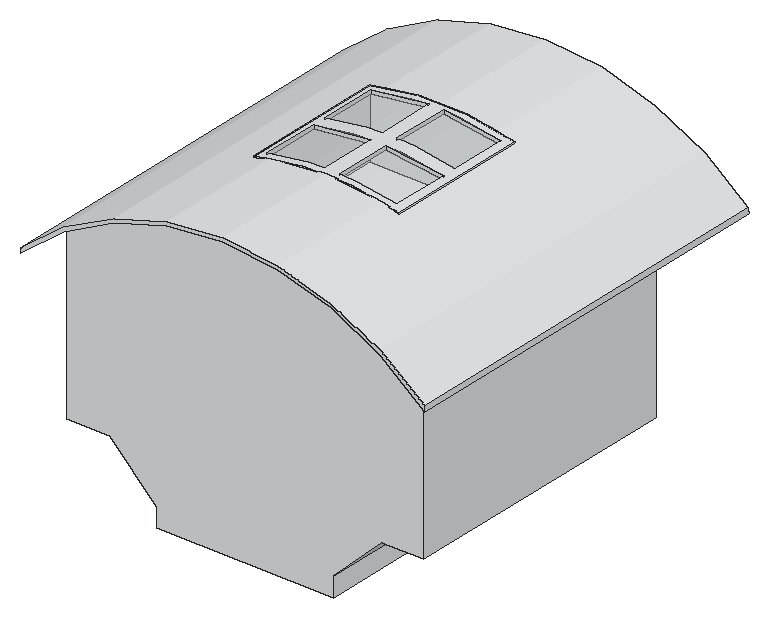
Revit family "ES – eSconce", category Lighting Fixtures, host Face, Revit 2013
Parameters (values of type "Arctic White")
  Wattage Comments = "37W,55W"  # constant formula
  Voltage = 120 V
  URL = "http://www.aal.net/"
  Product Page URL = "http://www.aal.net/products/esconce"
  Product Documentation Link = "http://www.aal.net/content/products/specs/specs_files/aal_es_led_spec.pdf"
  Power Factor = 1
  Photometric Web = Web : ES3-54LED-WWX
  Model = "ES-eSconce"  # constant formula
  Manufacturer = "Architectural Area Lighting"  # constant formula
  Load Classification = Lighting
  Lamp = "LED"
  Input Power = 55 W
  Panel = Hubbell - Arctic White
  IES File Link = "http://www.aal.net/products/esconce"
  Glass = Hubbell - Glass
  Description = "AAL's eSconce®, is has the flexibility to complement a wide range of architecture for use in both exterior/interior environments. "  # constant formula
  Default Elevation = 4' - 0"
  Center Panel = Panel : SM4
  Apparent Load = Input Power / Power Factor  # 55 VA
Types (9): name | Photometric Web | Panel | Center Panel
  (no name) | Web : ES3-54LED-WWX | Hubbell - Arctic White | Panel : SM4
  Arctic White | Web : ES3-54LED-WWX | Hubbell - Arctic White | Panel : SM4
  Black | Web : ES3-54LED-WWX | Hubbell - Black | Panel : SM4
  Matte Black | Web : ES3-54LED-WWX | Hubbell - Matte Black | Panel : SM4
  Dark Bronze | Web : ES3-54LED-WWX | Hubbell - Dark Bronze | Panel : SM4
  Dark Green | Web : ES3-54LED-WWX | Hubbell - Dark Green | Panel : SM4
  Titanium | Web : ES3-54LED-WWX | Hubbell - Titanium | Panel : SM4
  Verde Blue | Web : ES3-36LED-BW | Hubbell - Verde Blue | Panel : SMP
  Light Grey | Web : ES3-54LED-WWX | Hubbell - Light Grey | Panel : SM4
Reference planes (in)
  plane 1 "Center (Front/Back)": y = 0
  plane 2: z = 0
  plane 3 "Center (Left/Right)": x = 0
  plane 4: z = 10.5
  plane 5: x = -7
  plane 6: y = 7
  plane 7: y = -7
  plane 8: x = 7
  plane 9: x = -3.06
  plane 10: x = 3.06
  plane 11: y = 4
  plane 12: y = -6
  plane 13: x = -2.5
  plane 14: x = 2.5
  plane 15: y = 2.5
  plane 16: y = -2.5
Forms (in)
  Extrusion 1, void
    sketch origin (0, 0, 0) x (1, 0, 0) y (0, 1, 0)
      loop
        circle (0, 0) r 2.305
    from 0.66661 to -1.45022
  Extrusion 2, solid, material "Hubbell - Arctic White" <- "Panel"
    sketch origin (0, 0, 0) x (1, 0, 0) y (0, 0, 1)
      loop
        line (-6.18283, 8.28005) -> (-6.18283, 2.28005) -> (-4.70962, 2.28005) -> (-3.06, 0.65723) -> (-3.06, 0) -> (3.06, 0) -> (3.06, 0.65723) -> (4.70962, 2.28005) -> (6.18283, 2.28005) -> (6.18283, 8.28005)
        arc (6.18283, 8.28005) -> (0, 10.38592) -> (-6.18283, 8.28005) r 10.12931
    from 6 to -4
  Extrusion 3, void
    sketch origin (0, 0, 0) x (1, 0, 0) y (0, 1, 0)
      loop
        line (-2.5, 2.5) -> (-2.5, -2.5) -> (2.5, -2.5) -> (2.5, 2.5) -> (-2.5, 2.5)
    from 12.45006 to 7.8227
  Extrusion 4, void, not visible
    sketch origin (0, 0, 0) x (1, 0, 0) y (0, 1, 0)
      loop
        circle (-2.22504, 2.2246) r 0.08209
    from 10.68531 to 8.33423
  Extrusion 5, solid, material "Hubbell - Glass" <- "Glass"
    sketch origin (0, 0, 0) x (1, 0, 0) y (0, 0, 1)
      loop
        line (-2.5, 10.07256) -> (-2.5, 7.8227) -> (2.5, 7.8227) -> (2.5, 10.07256)
        arc (2.5, 10.07256) -> (0, 10.38592) -> (-2.5, 10.07256) r 10.12931
    from 2.5 to -2.5
Cuts and joins
  Extrusion 3 cuts Extrusion 2
Dimensions and locks (in)
  plane 4 to plane 2 = 0' - 10 1/2"
  equal spacing: plane 6, plane 1 "Center (Front/Back)", plane 7
  locked: plane 7 to plane 6 at 14
  equal spacing: plane 5, plane 3 "Center (Left/Right)", plane 8
  locked: plane 5 to plane 8 at 14
  plane 3 "Center (Left/Right)" to plane 9 = 0' - 3.06"
  locked: plane 1 "Center (Front/Back)" to plane 11 at 4
  locked: plane 12 to plane 1 "Center (Front/Back)" at 6
  equal spacing: plane 13, plane 3 "Center (Left/Right)", plane 14
  equal spacing: plane 15, plane 1 "Center (Front/Back)", plane 16
  locked: plane 13 to plane 3 "Center (Left/Right)" at 2.5
  locked: plane 1 "Center (Front/Back)" to plane 15 at 2.5
  aligned and locked: plane 2 to host face
  aligned and locked: level to host face
  aligned and locked: Extrusion 2 sketch curve to plane 9
  aligned and locked: plane 10 to Extrusion 2 sketch curve
  aligned and locked: Extrusion 2 sketch curve to plane 2
  aligned and locked: plane 12 to Extrusion 2
  aligned and locked: plane 11 to Extrusion 2
  aligned and locked: Extrusion 3 sketch curve to plane 15
  aligned and locked: plane 13 to Extrusion 3 sketch curve
  aligned and locked: Extrusion 3 sketch curve to plane 16
  aligned and locked: plane 14 to Extrusion 3 sketch curve
  aligned and locked: plane 1 "Center (Front/Back)" to nested 1
  aligned and locked: plane 3 "Center (Left/Right)" to nested 1
  aligned and locked: plane 15 to Extrusion 5
  aligned and locked: plane 16 to Extrusion 5
  aligned and locked: plane 1 "Center (Front/Back)" to nested 2
  aligned and locked: plane 3 "Center (Left/Right)" to nested 2
Automatic sketch dimensions
  host sketch curve to host sketch curve = 8' - 0"  (x2)
  plane 1 "Center (Front/Back)" to Extrusion 1 sketch curve = 0' - 0"
  Extrusion 1 sketch curve to plane 3 "Center (Left/Right)" = 0' - 0"
  level to Extrusion 2 sketch curve = 0' - 0.65723"
  Extrusion 2 sketch curve to plane 3 "Center (Left/Right)" = 0' - 0"
  Extrusion 2 sketch curve to plane 9 = 0' - 1.64962"
  plane 5 to Extrusion 2 sketch curve = 0' - 0.81717"
  Extrusion 2 sketch curve to plane 10 = 0' - 1.64962"
  plane 8 to Extrusion 2 sketch curve = 0' - 0.81717"
  Extrusion 2 sketch curve to Extrusion 2 sketch curve = 0' - 0.65723"
  level to Extrusion 2 sketch curve = 0' - 2.28005"  (x2)
  Extrusion 2 sketch curve to plane 4 = 0' - 2.21995"
  level to Extrusion 2 sketch curve = 0' - 0.25661"
  Extrusion 5 sketch curve to plane 13 = 0' - 0"
  Extrusion 5 sketch curve to plane 4 = 0' - 2.6773"
  plane 14 to Extrusion 5 sketch curve = 0' - 0"
  Extrusion 5 sketch curve to plane 4 = 0' - 0.42744"
  level to Extrusion 5 sketch curve = 0' - 0.25661"
  Extrusion 5 sketch curve to plane 3 "Center (Left/Right)" = 0' - 0"
  radius of Extrusion 1 sketch curve = 0' - 2.305"
  radius of Extrusion 4 sketch curve = 0' - 0.08209"
Nested families (in)
  nested 1: "Panel" at (0, 0, 0), type <- "Center Panel", Panel <- "Panel", Glass <- "Glass", type "SM4"
    with Panel Hubbell - Arctic White, Glass Hubbell - Glass
  nested 2: "Web" at (0, 0, 9.44193), type <- "Photometric Web", type "ES3-54LED-WWX"
Definition of nested family "Panel"
  Parameters (values of type "LAG")
    Wattage Comments = ""
    SMP = no
    Warranty = ""
    URL = ""
    SMB = no
    SM4 = no
    Product Page URL = ""
    Product Documentation Link = ""
    Model = ""
    Manufacturer = ""
    Load Classification = Lighting
    Lamp = ""
    LAG = yes
    Input Power = 0 W
    Panel [instance] = Hubbell - Steel
    Glass [instance] = Hubbell - Glass
    Description = ""
    Default Elevation = 4' - 0"
    Apparent Load = 0 VA
  Types (4): name | SMP | SMB | SM4 | LAG | Panel | Glass
    SM4 | no | no | yes | no | Hubbell - Verde Blue | Hubbell - Glass
    SMB | no | yes | no | no | Hubbell - Steel | none
    SMP | yes | no | no | no | Hubbell - Steel | Hubbell - Glass
    LAG | no | no | no | yes | Hubbell - Steel | Hubbell - Glass
  Reference planes (in)
    plane 1 "Center (Front/Back)": y = 0
    plane 2: z = 0
    plane 3 "Center (Left/Right)": x = 0
    plane 4: z = 10.5
    plane 5: x = -7
    plane 6: y = 7
    plane 7: y = -7
    plane 8: x = 7
    plane 9: y = 4
    plane 10: y = -6
    plane 11: x = -2.5
    plane 12: x = 2.5
    plane 13: y = 2.5
    plane 14: y = -2.5
  Forms (in)
    Extrusion 1, solid
      sketch origin (0, 0, 0) x (1, 0, 0) y (0, 1, 0)
        loop
          line (-48, 48) -> (-48, -48) -> (48, -48) -> (48, 48) -> (-48, 48)
      from 0 to -12
    Extrusion 2, solid, material "Hubbell - Steel" <- "Panel"
      sketch origin (0, 0, 0) x (1, 0, 0) y (0, 0, 1)
        loop
          line (-7, 7.75) -> (-7, 7.57801)
          arc (-7, 7.57801) -> (0, 10.38592) -> (7, 7.57801) r 10.12931
          line (7, 7.57801) -> (7, 7.75)
          arc (7, 7.75) -> (0, 10.51092) -> (-7, 7.75) r 10.25431
      from 7 to -7
    Extrusion 3, void
      sketch origin (0, 0, 0) x (1, 0, 0) y (0, 1, 0)
        loop
          line (-2.5, 2.5) -> (-2.5, -2.5) -> (2.5, -2.5) -> (2.5, 2.5) -> (-2.5, 2.5)
      from 12.45006 to 7.8227
    Extrusion 4, solid, material "Hubbell - Steel" <- "Panel", visible <- "SMP"
      sketch origin (0, 0, 0) x (1, 0, 0) y (0, 0, 1)
        loop
          arc (-2.5, 10.07256) -> (0, 10.38592) -> (2.5, 10.07256) r 10.12931
          line (2.5, 10.07256) -> (2.5, 10.2015)
          arc (2.5, 10.2015) -> (0, 10.51092) -> (-2.5, 10.2015) r 10.25431
          line (-2.5, 10.2015) -> (-2.5, 10.07256)
      from 2.5 to -2.5
    Extrusion 5, void
      sketch origin (0, 0, 0) x (1, 0, 0) y (0, 1, 0)
        loop
          circle (-2.22504, 2.2246) r 0.08209
      from 10.68531 to 8.33423
    Extrusion 6, void
      sketch origin (4.48139, 0, 0) x (1, 0, 0) y (0, 1, 0)
        loop
          circle (-2.22504, 2.2246) r 0.08209
      from 10.68531 to 8.33423
    Extrusion 7, void
      sketch origin (0.49793, 0, 0) x (1, 0, 0) y (0, 1, 0)
        loop
          circle (-2.22504, 2.2246) r 0.08209
      from 10.68531 to 8.33423
    Extrusion 8, void
      sketch origin (0.99587, 0, 0) x (1, 0, 0) y (0, 1, 0)
        loop
          circle (-2.22504, 2.2246) r 0.08209
      from 10.68531 to 8.33423
    Extrusion 9, void
      sketch origin (1.4938, 0, 0) x (1, 0, 0) y (0, 1, 0)
        loop
          circle (-2.22504, 2.2246) r 0.08209
      from 10.68531 to 8.33423
    Extrusion 10, void
      sketch origin (1.99173, 0, 0) x (1, 0, 0) y (0, 1, 0)
        loop
          circle (-2.22504, 2.2246) r 0.08209
      from 10.68531 to 8.33423
    Extrusion 11, void
      sketch origin (2.48966, 0, 0) x (1, 0, 0) y (0, 1, 0)
        loop
          circle (-2.22504, 2.2246) r 0.08209
      from 10.68531 to 8.33423
    Extrusion 12, void
      sketch origin (2.9876, 0, 0) x (1, 0, 0) y (0, 1, 0)
        loop
          circle (-2.22504, 2.2246) r 0.08209
      from 10.68531 to 8.33423
    Extrusion 13, void
      sketch origin (3.48553, 0, 0) x (1, 0, 0) y (0, 1, 0)
        loop
          circle (-2.22504, 2.2246) r 0.08209
      from 10.68531 to 8.33423
    Extrusion 14, void
      sketch origin (3.98346, 0, 0) x (1, 0, 0) y (0, 1, 0)
        loop
          circle (-2.22504, 2.2246) r 0.08209
      from 10.68531 to 8.33423
    Extrusion 15, void, not visible
      sketch origin (0, 0, 0) x (1, 0, 0) y (0, 1, 0)
        loop
          circle (-2.22504, 2.2246) r 0.08209
      from 10.68531 to 8.33423
    Extrusion 16, void
      sketch origin (0, -4.25, 0) x (1, 0, 0) y (0, 1, 0)
        loop
          circle (-2.22504, 2.2246) r 0.08209
      from 10.68531 to 8.33423
    Extrusion 17, void
      sketch origin (4.48139, -4.25, 0) x (1, 0, 0) y (0, 1, 0)
        loop
          circle (-2.22504, 2.2246) r 0.08209
      from 10.68531 to 8.33423
    Extrusion 18, void
      sketch origin (0.49793, -4.25, 0) x (1, 0, 0) y (0, 1, 0)
        loop
          circle (-2.22504, 2.2246) r 0.08209
      from 10.68531 to 8.33423
    Extrusion 19, void
      sketch origin (0.99587, -4.25, 0) x (1, 0, 0) y (0, 1, 0)
        loop
          circle (-2.22504, 2.2246) r 0.08209
      from 10.68531 to 8.33423
    Extrusion 20, void
      sketch origin (1.4938, -4.25, 0) x (1, 0, 0) y (0, 1, 0)
        loop
          circle (-2.22504, 2.2246) r 0.08209
      from 10.68531 to 8.33423
    Extrusion 21, void
      sketch origin (1.99173, -4.25, 0) x (1, 0, 0) y (0, 1, 0)
        loop
          circle (-2.22504, 2.2246) r 0.08209
      from 10.68531 to 8.33423
    Extrusion 22, void
      sketch origin (2.48966, -4.25, 0) x (1, 0, 0) y (0, 1, 0)
        loop
          circle (-2.22504, 2.2246) r 0.08209
      from 10.68531 to 8.33423
    Extrusion 23, void
      sketch origin (2.9876, -4.25, 0) x (1, 0, 0) y (0, 1, 0)
        loop
          circle (-2.22504, 2.2246) r 0.08209
      from 10.68531 to 8.33423
    Extrusion 24, void
      sketch origin (3.48553, -4.25, 0) x (1, 0, 0) y (0, 1, 0)
        loop
          circle (-2.22504, 2.2246) r 0.08209
      from 10.68531 to 8.33423
    Extrusion 25, void
      sketch origin (3.98346, -4.25, 0) x (1, 0, 0) y (0, 1, 0)
        loop
          circle (-2.22504, 2.2246) r 0.08209
      from 10.68531 to 8.33423
    Extrusion 26, void
      sketch origin (0, -0.47222, 0) x (1, 0, 0) y (0, 1, 0)
        loop
          circle (-2.22504, 2.2246) r 0.08209
      from 10.68531 to 8.33423
    Extrusion 27, void
      sketch origin (4.48139, -0.47222, 0) x (1, 0, 0) y (0, 1, 0)
        loop
          circle (-2.22504, 2.2246) r 0.08209
      from 10.68531 to 8.33423
    Extrusion 28, void
      sketch origin (0.49793, -0.47222, 0) x (1, 0, 0) y (0, 1, 0)
        loop
          circle (-2.22504, 2.2246) r 0.08209
      from 10.68531 to 8.33423
    Extrusion 29, void
      sketch origin (0.99587, -0.47222, 0) x (1, 0, 0) y (0, 1, 0)
        loop
          circle (-2.22504, 2.2246) r 0.08209
      from 10.68531 to 8.33423
    Extrusion 30, void
      sketch origin (1.4938, -0.47222, 0) x (1, 0, 0) y (0, 1, 0)
        loop
          circle (-2.22504, 2.2246) r 0.08209
      from 10.68531 to 8.33423
    Extrusion 31, void
      sketch origin (1.99173, -0.47222, 0) x (1, 0, 0) y (0, 1, 0)
        loop
          circle (-2.22504, 2.2246) r 0.08209
      from 10.68531 to 8.33423
    Extrusion 32, void
      sketch origin (2.48966, -0.47222, 0) x (1, 0, 0) y (0, 1, 0)
        loop
          circle (-2.22504, 2.2246) r 0.08209
      from 10.68531 to 8.33423
    Extrusion 33, void
      sketch origin (2.9876, -0.47222, 0) x (1, 0, 0) y (0, 1, 0)
        loop
          circle (-2.22504, 2.2246) r 0.08209
      from 10.68531 to 8.33423
    Extrusion 34, void
      sketch origin (3.48553, -0.47222, 0) x (1, 0, 0) y (0, 1, 0)
        loop
          circle (-2.22504, 2.2246) r 0.08209
      from 10.68531 to 8.33423
    Extrusion 35, void
      sketch origin (3.98346, -0.47222, 0) x (1, 0, 0) y (0, 1, 0)
        loop
          circle (-2.22504, 2.2246) r 0.08209
      from 10.68531 to 8.33423
    Extrusion 36, void
      sketch origin (0, -0.94444, 0) x (1, 0, 0) y (0, 1, 0)
        loop
          circle (-2.22504, 2.2246) r 0.08209
      from 10.68531 to 8.33423
    Extrusion 37, void
      sketch origin (4.48139, -0.94444, 0) x (1, 0, 0) y (0, 1, 0)
        loop
          circle (-2.22504, 2.2246) r 0.08209
      from 10.68531 to 8.33423
    Extrusion 38, void
      sketch origin (0.49793, -0.94444, 0) x (1, 0, 0) y (0, 1, 0)
        loop
          circle (-2.22504, 2.2246) r 0.08209
      from 10.68531 to 8.33423
    Extrusion 39, void
      sketch origin (0.99587, -0.94444, 0) x (1, 0, 0) y (0, 1, 0)
        loop
          circle (-2.22504, 2.2246) r 0.08209
      from 10.68531 to 8.33423
    Extrusion 40, void
      sketch origin (1.4938, -0.94444, 0) x (1, 0, 0) y (0, 1, 0)
        loop
          circle (-2.22504, 2.2246) r 0.08209
      from 10.68531 to 8.33423
    Extrusion 41, void
      sketch origin (1.99173, -0.94444, 0) x (1, 0, 0) y (0, 1, 0)
        loop
          circle (-2.22504, 2.2246) r 0.08209
      from 10.68531 to 8.33423
    Extrusion 42, void
      sketch origin (2.48966, -0.94444, 0) x (1, 0, 0) y (0, 1, 0)
        loop
          circle (-2.22504, 2.2246) r 0.08209
      from 10.68531 to 8.33423
    Extrusion 43, void
      sketch origin (2.9876, -0.94444, 0) x (1, 0, 0) y (0, 1, 0)
        loop
          circle (-2.22504, 2.2246) r 0.08209
      from 10.68531 to 8.33423
    Extrusion 44, void
      sketch origin (3.48553, -0.94444, 0) x (1, 0, 0) y (0, 1, 0)
        loop
          circle (-2.22504, 2.2246) r 0.08209
      from 10.68531 to 8.33423
    Extrusion 45, void
      sketch origin (3.98346, -0.94444, 0) x (1, 0, 0) y (0, 1, 0)
        loop
          circle (-2.22504, 2.2246) r 0.08209
      from 10.68531 to 8.33423
    Extrusion 46, void
      sketch origin (0, -1.41667, 0) x (1, 0, 0) y (0, 1, 0)
        loop
          circle (-2.22504, 2.2246) r 0.08209
      from 10.68531 to 8.33423
    Extrusion 47, void
      sketch origin (4.48139, -1.41667, 0) x (1, 0, 0) y (0, 1, 0)
        loop
          circle (-2.22504, 2.2246) r 0.08209
      from 10.68531 to 8.33423
    Extrusion 48, void
      sketch origin (0.49793, -1.41667, 0) x (1, 0, 0) y (0, 1, 0)
        loop
          circle (-2.22504, 2.2246) r 0.08209
      from 10.68531 to 8.33423
    Extrusion 49, void
      sketch origin (0.99587, -1.41667, 0) x (1, 0, 0) y (0, 1, 0)
        loop
          circle (-2.22504, 2.2246) r 0.08209
      from 10.68531 to 8.33423
    Extrusion 50, void
      sketch origin (1.4938, -1.41667, 0) x (1, 0, 0) y (0, 1, 0)
        loop
          circle (-2.22504, 2.2246) r 0.08209
      from 10.68531 to 8.33423
    Extrusion 51, void
      sketch origin (1.99173, -1.41667, 0) x (1, 0, 0) y (0, 1, 0)
        loop
          circle (-2.22504, 2.2246) r 0.08209
      from 10.68531 to 8.33423
    Extrusion 52, void
      sketch origin (2.48966, -1.41667, 0) x (1, 0, 0) y (0, 1, 0)
        loop
          circle (-2.22504, 2.2246) r 0.08209
      from 10.68531 to 8.33423
    Extrusion 53, void
      sketch origin (2.9876, -1.41667, 0) x (1, 0, 0) y (0, 1, 0)
        loop
          circle (-2.22504, 2.2246) r 0.08209
      from 10.68531 to 8.33423
    Extrusion 54, void
      sketch origin (3.48553, -1.41667, 0) x (1, 0, 0) y (0, 1, 0)
        loop
          circle (-2.22504, 2.2246) r 0.08209
      from 10.68531 to 8.33423
    Extrusion 55, void
      sketch origin (3.98346, -1.41667, 0) x (1, 0, 0) y (0, 1, 0)
        loop
          circle (-2.22504, 2.2246) r 0.08209
      from 10.68531 to 8.33423
    Extrusion 56, void
      sketch origin (0, -1.88889, 0) x (1, 0, 0) y (0, 1, 0)
        loop
          circle (-2.22504, 2.2246) r 0.08209
      from 10.68531 to 8.33423
    Extrusion 57, void
      sketch origin (4.48139, -1.88889, 0) x (1, 0, 0) y (0, 1, 0)
        loop
          circle (-2.22504, 2.2246) r 0.08209
      from 10.68531 to 8.33423
    Extrusion 58, void
      sketch origin (0.49793, -1.88889, 0) x (1, 0, 0) y (0, 1, 0)
        loop
          circle (-2.22504, 2.2246) r 0.08209
      from 10.68531 to 8.33423
    Extrusion 59, void
      sketch origin (0.99587, -1.88889, 0) x (1, 0, 0) y (0, 1, 0)
        loop
          circle (-2.22504, 2.2246) r 0.08209
      from 10.68531 to 8.33423
    Extrusion 60, void
      sketch origin (1.4938, -1.88889, 0) x (1, 0, 0) y (0, 1, 0)
        loop
          circle (-2.22504, 2.2246) r 0.08209
      from 10.68531 to 8.33423
    Extrusion 61, void
      sketch origin (1.99173, -1.88889, 0) x (1, 0, 0) y (0, 1, 0)
        loop
          circle (-2.22504, 2.2246) r 0.08209
      from 10.68531 to 8.33423
    Extrusion 62, void
      sketch origin (2.48966, -1.88889, 0) x (1, 0, 0) y (0, 1, 0)
        loop
          circle (-2.22504, 2.2246) r 0.08209
      from 10.68531 to 8.33423
    Extrusion 63, void
      sketch origin (2.9876, -1.88889, 0) x (1, 0, 0) y (0, 1, 0)
        loop
          circle (-2.22504, 2.2246) r 0.08209
      from 10.68531 to 8.33423
    Extrusion 64, void
      sketch origin (3.48553, -1.88889, 0) x (1, 0, 0) y (0, 1, 0)
        loop
          circle (-2.22504, 2.2246) r 0.08209
      from 10.68531 to 8.33423
    Extrusion 65, void
      sketch origin (3.98346, -1.88889, 0) x (1, 0, 0) y (0, 1, 0)
        loop
          circle (-2.22504, 2.2246) r 0.08209
      from 10.68531 to 8.33423
    Extrusion 66, void
      sketch origin (0, -2.36111, 0) x (1, 0, 0) y (0, 1, 0)
        loop
          circle (-2.22504, 2.2246) r 0.08209
      from 10.68531 to 8.33423
    Extrusion 67, void
      sketch origin (4.48139, -2.36111, 0) x (1, 0, 0) y (0, 1, 0)
        loop
          circle (-2.22504, 2.2246) r 0.08209
      from 10.68531 to 8.33423
    Extrusion 68, void
      sketch origin (0.49793, -2.36111, 0) x (1, 0, 0) y (0, 1, 0)
        loop
          circle (-2.22504, 2.2246) r 0.08209
      from 10.68531 to 8.33423
    Extrusion 69, void
      sketch origin (0.99587, -2.36111, 0) x (1, 0, 0) y (0, 1, 0)
        loop
          circle (-2.22504, 2.2246) r 0.08209
      from 10.68531 to 8.33423
    Extrusion 70, void
      sketch origin (1.4938, -2.36111, 0) x (1, 0, 0) y (0, 1, 0)
        loop
          circle (-2.22504, 2.2246) r 0.08209
      from 10.68531 to 8.33423
    Extrusion 71, void
      sketch origin (1.99173, -2.36111, 0) x (1, 0, 0) y (0, 1, 0)
        loop
          circle (-2.22504, 2.2246) r 0.08209
      from 10.68531 to 8.33423
    Extrusion 72, void
      sketch origin (2.48966, -2.36111, 0) x (1, 0, 0) y (0, 1, 0)
        loop
          circle (-2.22504, 2.2246) r 0.08209
      from 10.68531 to 8.33423
    Extrusion 73, void
      sketch origin (2.9876, -2.36111, 0) x (1, 0, 0) y (0, 1, 0)
        loop
          circle (-2.22504, 2.2246) r 0.08209
      from 10.68531 to 8.33423
    Extrusion 74, void
      sketch origin (3.48553, -2.36111, 0) x (1, 0, 0) y (0, 1, 0)
        loop
          circle (-2.22504, 2.2246) r 0.08209
      from 10.68531 to 8.33423
    Extrusion 75, void
      sketch origin (3.98346, -2.36111, 0) x (1, 0, 0) y (0, 1, 0)
        loop
          circle (-2.22504, 2.2246) r 0.08209
      from 10.68531 to 8.33423
    Extrusion 76, void
      sketch origin (0, -2.83333, 0) x (1, 0, 0) y (0, 1, 0)
        loop
          circle (-2.22504, 2.2246) r 0.08209
      from 10.68531 to 8.33423
    Extrusion 77, void
      sketch origin (4.48139, -2.83333, 0) x (1, 0, 0) y (0, 1, 0)
        loop
          circle (-2.22504, 2.2246) r 0.08209
      from 10.68531 to 8.33423
    Extrusion 78, void
      sketch origin (0.49793, -2.83333, 0) x (1, 0, 0) y (0, 1, 0)
        loop
          circle (-2.22504, 2.2246) r 0.08209
      from 10.68531 to 8.33423
    Extrusion 79, void
      sketch origin (0.99587, -2.83333, 0) x (1, 0, 0) y (0, 1, 0)
        loop
          circle (-2.22504, 2.2246) r 0.08209
      from 10.68531 to 8.33423
    Extrusion 80, void
      sketch origin (1.4938, -2.83333, 0) x (1, 0, 0) y (0, 1, 0)
        loop
          circle (-2.22504, 2.2246) r 0.08209
      from 10.68531 to 8.33423
    Extrusion 81, void
      sketch origin (1.99173, -2.83333, 0) x (1, 0, 0) y (0, 1, 0)
        loop
          circle (-2.22504, 2.2246) r 0.08209
      from 10.68531 to 8.33423
    Extrusion 82, void
      sketch origin (2.48966, -2.83333, 0) x (1, 0, 0) y (0, 1, 0)
        loop
          circle (-2.22504, 2.2246) r 0.08209
      from 10.68531 to 8.33423
    Extrusion 83, void
      sketch origin (2.9876, -2.83333, 0) x (1, 0, 0) y (0, 1, 0)
        loop
          circle (-2.22504, 2.2246) r 0.08209
      from 10.68531 to 8.33423
    Extrusion 84, void
      sketch origin (3.48553, -2.83333, 0) x (1, 0, 0) y (0, 1, 0)
        loop
          circle (-2.22504, 2.2246) r 0.08209
      from 10.68531 to 8.33423
    Extrusion 85, void
      sketch origin (3.98346, -2.83333, 0) x (1, 0, 0) y (0, 1, 0)
        loop
          circle (-2.22504, 2.2246) r 0.08209
      from 10.68531 to 8.33423
    Extrusion 86, void
      sketch origin (0, -3.30556, 0) x (1, 0, 0) y (0, 1, 0)
        loop
          circle (-2.22504, 2.2246) r 0.08209
      from 10.68531 to 8.33423
    Extrusion 87, void
      sketch origin (4.48139, -3.30556, 0) x (1, 0, 0) y (0, 1, 0)
        loop
          circle (-2.22504, 2.2246) r 0.08209
      from 10.68531 to 8.33423
    Extrusion 88, void
      sketch origin (0.49793, -3.30556, 0) x (1, 0, 0) y (0, 1, 0)
        loop
          circle (-2.22504, 2.2246) r 0.08209
      from 10.68531 to 8.33423
    Extrusion 89, void
      sketch origin (0.99587, -3.30556, 0) x (1, 0, 0) y (0, 1, 0)
        loop
          circle (-2.22504, 2.2246) r 0.08209
      from 10.68531 to 8.33423
    Extrusion 90, void
      sketch origin (1.4938, -3.30556, 0) x (1, 0, 0) y (0, 1, 0)
        loop
          circle (-2.22504, 2.2246) r 0.08209
      from 10.68531 to 8.33423
    Extrusion 91, void
      sketch origin (1.99173, -3.30556, 0) x (1, 0, 0) y (0, 1, 0)
        loop
          circle (-2.22504, 2.2246) r 0.08209
      from 10.68531 to 8.33423
    Extrusion 92, void
      sketch origin (2.48966, -3.30556, 0) x (1, 0, 0) y (0, 1, 0)
        loop
          circle (-2.22504, 2.2246) r 0.08209
      from 10.68531 to 8.33423
    Extrusion 93, void
      sketch origin (2.9876, -3.30556, 0) x (1, 0, 0) y (0, 1, 0)
        loop
          circle (-2.22504, 2.2246) r 0.08209
      from 10.68531 to 8.33423
    Extrusion 94, void
      sketch origin (3.48553, -3.30556, 0) x (1, 0, 0) y (0, 1, 0)
        loop
          circle (-2.22504, 2.2246) r 0.08209
      from 10.68531 to 8.33423
    Extrusion 95, void
      sketch origin (3.98346, -3.30556, 0) x (1, 0, 0) y (0, 1, 0)
        loop
          circle (-2.22504, 2.2246) r 0.08209
      from 10.68531 to 8.33423
    Extrusion 96, void
      sketch origin (0, -3.77778, 0) x (1, 0, 0) y (0, 1, 0)
        loop
          circle (-2.22504, 2.2246) r 0.08209
      from 10.68531 to 8.33423
    Extrusion 97, void
      sketch origin (4.48139, -3.77778, 0) x (1, 0, 0) y (0, 1, 0)
        loop
          circle (-2.22504, 2.2246) r 0.08209
      from 10.68531 to 8.33423
    Extrusion 98, void
      sketch origin (0.49793, -3.77778, 0) x (1, 0, 0) y (0, 1, 0)
        loop
          circle (-2.22504, 2.2246) r 0.08209
      from 10.68531 to 8.33423
    Extrusion 99, void
      sketch origin (0.99587, -3.77778, 0) x (1, 0, 0) y (0, 1, 0)
        loop
          circle (-2.22504, 2.2246) r 0.08209
      from 10.68531 to 8.33423
    Extrusion 100, void
      sketch origin (1.4938, -3.77778, 0) x (1, 0, 0) y (0, 1, 0)
        loop
          circle (-2.22504, 2.2246) r 0.08209
      from 10.68531 to 8.33423
    Extrusion 101, void
      sketch origin (1.99173, -3.77778, 0) x (1, 0, 0) y (0, 1, 0)
        loop
          circle (-2.22504, 2.2246) r 0.08209
      from 10.68531 to 8.33423
    Extrusion 102, void
      sketch origin (2.48966, -3.77778, 0) x (1, 0, 0) y (0, 1, 0)
        loop
          circle (-2.22504, 2.2246) r 0.08209
      from 10.68531 to 8.33423
    Extrusion 103, void
      sketch origin (2.9876, -3.77778, 0) x (1, 0, 0) y (0, 1, 0)
        loop
          circle (-2.22504, 2.2246) r 0.08209
      from 10.68531 to 8.33423
    Extrusion 104, void
      sketch origin (3.48553, -3.77778, 0) x (1, 0, 0) y (0, 1, 0)
        loop
          circle (-2.22504, 2.2246) r 0.08209
      from 10.68531 to 8.33423
    Extrusion 105, void
      sketch origin (3.98346, -3.77778, 0) x (1, 0, 0) y (0, 1, 0)
        loop
          circle (-2.22504, 2.2246) r 0.08209
      from 10.68531 to 8.33423
    Extrusion 106, solid, material "Hubbell - Glass", visible <- "SMB"
      sketch origin (0, 0, 0) x (1, 0, 0) y (0, 0, 1)
        loop
          arc (2.5, 10.2015) -> (0, 10.51092) -> (-2.5, 10.2015) r 10.25431
          line (-2.5, 10.2015) -> (-2.5, 10.07256)
          arc (-2.5, 10.07256) -> (0, 10.38592) -> (2.5, 10.07256) r 10.12931
          line (2.5, 10.07256) -> (2.5, 10.2015)
      from 2.5 to -2.5
    Extrusion 107, solid, material "Hubbell - Steel" <- "Panel", visible <- "SM4"
      sketch origin (0, 0, 0) x (1, 0, 0) y (0, 0, 1)
        loop
          line (-2.5, 10.2015) -> (-2.5, 10.07256)
          arc (-2.5, 10.07256) -> (0, 10.38592) -> (2.5, 10.07256) r 10.12931
          line (2.5, 10.07256) -> (2.5, 10.2015)
          arc (2.5, 10.2015) -> (0, 10.51092) -> (-2.5, 10.2015) r 10.25431
      from 2.5 to -2.5
    Extrusion 108, void
      sketch origin (0, 0, 0) x (1, 0, 0) y (0, 1, 0)
        loop
          line (-2.25, 2.25) -> (-2.25, 0.25) -> (-0.25, 0.25) -> (-0.25, 2.25) -> (-2.25, 2.25)
        loop
          line (2.25, 2.25) -> (0.25, 2.25) -> (0.25, 0.25) -> (2.25, 0.25) -> (2.25, 2.25)
        loop
          line (-2.25, -2.25) -> (-0.25, -2.25) -> (-0.25, -0.25) -> (-2.25, -0.25) -> (-2.25, -2.25)
        loop
          line (2.25, -2.25) -> (2.25, -0.25) -> (0.25, -0.25) -> (0.25, -2.25) -> (2.25, -2.25)
      from 11.13681 to 8.95769
    Extrusion 109, solid, material "Hubbell - Steel" <- "Panel", visible <- "LAG"
      sketch origin (0, 0, 0) x (1, 0, 0) y (0, 0, 1)
        loop
          line (-2.5, 10.2015) -> (-2.5, 10.07256)
          arc (-2.5, 10.07256) -> (0, 10.38592) -> (2.5, 10.07256) r 10.12931
          line (2.5, 10.07256) -> (2.5, 10.2015)
          arc (2.5, 10.2015) -> (0, 10.71365) -> (-2.5, 10.2015) r 6.3579
      from 2.5 to -2.5
    Extrusion 110, void
      sketch origin (0, -1.40625, 0) x (1, 0, 0) y (0, 0, 1)
        loop
          line (-3.01621, 11.50699) -> (-3.01621, 9.75) -> (2.98379, 9.75) -> (2.98379, 11.50699) -> (-3.01621, 11.50699)
      from -1.9238 to -2.125
    Extrusion 111, void
      sketch origin (0, -0.40417, 0) x (1, 0, 0) y (0, 0, 1)
        loop
          line (-3.01621, 11.50699) -> (-3.01621, 9.75) -> (2.98379, 9.75) -> (2.98379, 11.50699) -> (-3.01621, 11.50699)
      from -1.9238 to -2.125
    Extrusion 112, void
      sketch origin (0, 1.40625, 0) x (1, 0, 0) y (0, 0, -1)
        loop
          line (-3.01621, -11.50699) -> (2.98379, -11.50699) -> (2.98379, -9.75) -> (-3.01621, -9.75) -> (-3.01621, -11.50699)
      from -1.9238 to -2.125
    Extrusion 113, void
      sketch origin (0, 0.40417, 0) x (1, 0, 0) y (0, 0, -1)
        loop
          line (-3.01621, -11.50699) -> (2.98379, -11.50699) -> (2.98379, -9.75) -> (-3.01621, -9.75) -> (-3.01621, -11.50699)
      from -1.9238 to -2.125
    Extrusion 114, solid, material "Hubbell - Glass" <- "Glass", visible <- "LAG"
      sketch origin (0, 0, 0) x (1, 0, 0) y (0, 1, 0)
        loop
          line (-3.09375, 1.72083) -> (-3.09375, 1.51963) -> (3.09375, 1.51963) -> (3.09375, 1.72083) -> (-3.09375, 1.72083)
        loop
          line (-3.09375, 0.71875) -> (-3.09375, 0.51755) -> (3.09375, 0.51755) -> (3.09375, 0.71875) -> (-3.09375, 0.71875)
        loop
          line (-3.09375, -0.51755) -> (-3.09375, -0.71875) -> (3.09375, -0.71875) -> (3.09375, -0.51755) -> (-3.09375, -0.51755)
        loop
          line (-3.09375, -1.51963) -> (-3.09375, -1.72083) -> (3.09375, -1.72083) -> (3.09375, -1.51963) -> (-3.09375, -1.51963)
      from 10.5 to 9.95265
    Extrusion 115, solid, material "Hubbell - Steel" <- "Panel", visible <- "LAG"
      sketch origin (0, 0, 0) x (1, 0, 0) y (0, 1, 0)
        loop
          line (-2.5, 2.5) -> (-2.5, 3) -> (-3, 3) -> (-3, 2.5) -> (-2.5, 2.5)
        loop
          line (2.5, 2.5) -> (3, 2.5) -> (3, 3) -> (2.5, 3) -> (2.5, 2.5)
        loop
          line (-2.5, -2.5) -> (-3, -2.5) -> (-3, -3) -> (-2.5, -3) -> (-2.5, -2.5)
        loop
          line (2.5, -2.5) -> (2.5, -3) -> (3, -3) -> (3, -2.5) -> (2.5, -2.5)
      from 10.5917 to 9.90205
    Extrusion 116, solid, material "Hubbell - Steel" <- "Panel", visible <- "LAG"
      sketch origin (0, 0, 0) x (1, 0, 0) y (0, 0, 1)
        loop
          circle (-2.75225, 10.24995) r 0.125
        loop
          circle (2.75225, 10.24995) r 0.125
      from 2.5 to -2.5
  Cuts and joins
    Extrusion 3, Extrusion 5 cuts Extrusion 2
    Extrusion 5, Extrusion 6, Extrusion 7, Extrusion 8, Extrusion 9, Extrusion 10, Extrusion 11, Extrusion 12, Extrusion 13, Extrusion 14, Extrusion 16, Extrusion 17, Extrusion 18, Extrusion 19, Extrusion 20, Extrusion 21, Extrusion 22, Extrusion 23, Extrusion 24, Extrusion 25, Extrusion 26, Extrusion 27, Extrusion 28, Extrusion 29, Extrusion 30, Extrusion 31, Extrusion 32, Extrusion 33, Extrusion 34, Extrusion 35, Extrusion 36, Extrusion 37, Extrusion 38, Extrusion 39, Extrusion 40, Extrusion 41, Extrusion 42, Extrusion 43, Extrusion 44, Extrusion 45, Extrusion 46, Extrusion 47, Extrusion 48, Extrusion 49, Extrusion 50, Extrusion 51, Extrusion 52, Extrusion 53, Extrusion 54, Extrusion 55, Extrusion 56, Extrusion 57, Extrusion 58, Extrusion 59, Extrusion 60, Extrusion 61, Extrusion 62, Extrusion 63, Extrusion 64, Extrusion 65, Extrusion 66, Extrusion 67, Extrusion 68, Extrusion 69, Extrusion 70, Extrusion 71, Extrusion 72, Extrusion 73, Extrusion 74, Extrusion 75, Extrusion 76, Extrusion 77, Extrusion 78, Extrusion 79, Extrusion 80, Extrusion 81, Extrusion 82, Extrusion 83, Extrusion 84, Extrusion 85, Extrusion 86, Extrusion 87, Extrusion 88, Extrusion 89, Extrusion 90, Extrusion 91, Extrusion 92, Extrusion 93, Extrusion 94, Extrusion 95, Extrusion 96, Extrusion 97, Extrusion 98, Extrusion 99, Extrusion 100, Extrusion 101, Extrusion 102, Extrusion 103, Extrusion 104, Extrusion 105 cuts Extrusion 4
    Extrusion 108 cuts Extrusion 107
    Extrusion 110, Extrusion 111, Extrusion 112, Extrusion 113 cuts Extrusion 109
  Dimensions and locks (in)
    plane 4 to plane 2 = 0' - 10 1/2"
    equal spacing: plane 6, plane 1 "Center (Front/Back)", plane 7
    locked: plane 7 to plane 6 at 14
    equal spacing: plane 5, plane 3 "Center (Left/Right)", plane 8
    locked: plane 5 to plane 8 at 14
    locked: plane 1 "Center (Front/Back)" to plane 9 at 4
    locked: plane 10 to plane 1 "Center (Front/Back)" at 6
    equal spacing: plane 11, plane 3 "Center (Left/Right)", plane 12
    equal spacing: plane 13, plane 1 "Center (Front/Back)", plane 14
    locked: plane 11 to plane 3 "Center (Left/Right)" at 2.5
    locked: plane 1 "Center (Front/Back)" to plane 13 at 2.5
    equal spacing: group 1, group 3, group 4, group 5, group 6, group 7, group 8, group 9, group 10, group 2  (x3)
    equal spacing: group 13, group 15, group 16, group 17, group 18, group 19, group 20, group 21, group 22, group 14  (x3)
    equal spacing: group 24, group 26, group 27, group 28, group 29, group 30, group 31, group 32, group 33, group 25  (x3)
    equal spacing: group 35, group 37, group 38, group 39, group 40, group 41, group 42, group 43, group 44, group 36  (x3)
    equal spacing: group 46, group 48, group 49, group 50, group 51, group 52, group 53, group 54, group 55, group 47  (x3)
    equal spacing: group 57, group 59, group 60, group 61, group 62, group 63, group 64, group 65, group 66, group 58  (x3)
    equal spacing: group 68, group 70, group 71, group 72, group 73, group 74, group 75, group 76, group 77, group 69  (x3)
    equal spacing: group 79, group 81, group 82, group 83, group 84, group 85, group 86, group 87, group 88, group 80  (x3)
    equal spacing: group 90, group 92, group 93, group 94, group 95, group 96, group 97, group 98, group 99, group 91  (x3)
    equal spacing: group 100, group 102, group 103, group 104, group 105, group 106, group 107, group 108, group 109, group 101  (x3)
    aligned and locked: plane 2 to Extrusion 1
    aligned and locked: level to Extrusion 1
    aligned and locked: plane 6 to Extrusion 2
    aligned and locked: plane 7 to Extrusion 2
    aligned and locked: Extrusion 3 sketch curve to plane 13
    aligned and locked: plane 11 to Extrusion 3 sketch curve
    aligned and locked: Extrusion 3 sketch curve to plane 14
    aligned and locked: plane 12 to Extrusion 3 sketch curve
    aligned and locked: plane 13 to Extrusion 4
    aligned and locked: plane 14 to Extrusion 4
    aligned and locked: plane 13 to Extrusion 106
    aligned and locked: plane 14 to Extrusion 106
    aligned and locked: plane 13 to Extrusion 107
    aligned and locked: plane 14 to Extrusion 107
    aligned and locked: plane 13 to Extrusion 109
    aligned and locked: plane 14 to Extrusion 109
    aligned and locked: plane 13 to Extrusion 116
    aligned and locked: plane 14 to Extrusion 116
  Automatic sketch dimensions
    Extrusion 1 sketch curve to Extrusion 1 sketch curve = 8' - 0"  (x2)
    Extrusion 2 sketch curve to Extrusion 2 sketch curve = 0' - 0"  (x2)
    Extrusion 2 sketch curve to plane 5 = 0' - 0"
    plane 8 to Extrusion 2 sketch curve = 0' - 0"
    Extrusion 2 sketch curve to plane 4 = 0' - 2.92199"
    Extrusion 2 sketch curve to plane 3 "Center (Left/Right)" = 0' - 0"
    Extrusion 2 sketch curve to Extrusion 2 sketch curve = 0' - 0.17199"
    level to Extrusion 2 sketch curve = 0' - 0.25661"
    Extrusion 4 sketch curve to Extrusion 4 sketch curve = 0' - 0"  (x2)
    Extrusion 4 sketch curve to plane 11 = 0' - 0"
    plane 12 to Extrusion 4 sketch curve = 0' - 0"
    Extrusion 4 sketch curve to plane 4 = 0' - 0.42744"
    Extrusion 4 sketch curve to plane 3 "Center (Left/Right)" = 0' - 0"
    Extrusion 4 sketch curve to Extrusion 4 sketch curve = 0' - 0.12894"
    level to Extrusion 4 sketch curve = 0' - 0.25661"
    Extrusion 106 sketch curve to Extrusion 106 sketch curve = 0' - 0"  (x2)
    Extrusion 106 sketch curve to plane 11 = 0' - 0"
    plane 12 to Extrusion 106 sketch curve = 0' - 0"
    Extrusion 106 sketch curve to plane 4 = 0' - 0.42744"
    Extrusion 106 sketch curve to plane 3 "Center (Left/Right)" = 0' - 0"
    Extrusion 106 sketch curve to Extrusion 106 sketch curve = 0' - 0.12894"
    level to Extrusion 106 sketch curve = 0' - 0.25661"
    Extrusion 107 sketch curve to Extrusion 107 sketch curve = 0' - 0"  (x2)
    Extrusion 107 sketch curve to plane 11 = 0' - 0"
    plane 12 to Extrusion 107 sketch curve = 0' - 0"
    Extrusion 107 sketch curve to plane 4 = 0' - 0.42744"
    Extrusion 107 sketch curve to plane 3 "Center (Left/Right)" = 0' - 0"
    Extrusion 107 sketch curve to Extrusion 107 sketch curve = 0' - 0.12894"
    level to Extrusion 107 sketch curve = 0' - 0.25661"
    plane 11 to Extrusion 108 sketch curve = 0' - 0 1/4"  (x2)
    Extrusion 108 sketch curve to plane 14 = 0' - 0 1/4"  (x2)
    Extrusion 108 sketch curve to plane 3 "Center (Left/Right)" = 0' - 0 1/4"  (x2)
    plane 3 "Center (Left/Right)" to Extrusion 108 sketch curve = 0' - 0 1/4"  (x2)
    plane 12 to Extrusion 108 sketch curve = 0' - 0 1/4"  (x2)
    plane 1 "Center (Front/Back)" to Extrusion 108 sketch curve = 0' - 0 1/4"  (x2)
    Extrusion 108 sketch curve to plane 1 "Center (Front/Back)" = 0' - 0 1/4"  (x2)
    Extrusion 108 sketch curve to plane 13 = 0' - 0 1/4"  (x2)
    Extrusion 110 sketch curve to plane 11 = 0' - 0.51621"
    Extrusion 110 sketch curve to plane 4 = 0' - 0 3/4"
    Extrusion 110 sketch curve to plane 12 = 0' - 0.48379"
    plane 4 to Extrusion 110 sketch curve = 0' - 1.00699"
    Extrusion 111 sketch curve to plane 11 = 0' - 0.51621"
    Extrusion 111 sketch curve to plane 4 = 0' - 0 3/4"
    Extrusion 111 sketch curve to plane 12 = 0' - 0.48379"
    plane 4 to Extrusion 111 sketch curve = 0' - 1.00699"
    Extrusion 112 sketch curve to plane 11 = 0' - 0.51621"
    Extrusion 112 sketch curve to plane 12 = 0' - 0.48379"
    plane 4 to Extrusion 112 sketch curve = 0' - 1.00699"
    Extrusion 112 sketch curve to plane 4 = 0' - 0 3/4"
    Extrusion 113 sketch curve to plane 11 = 0' - 0.51621"
    Extrusion 113 sketch curve to plane 12 = 0' - 0.48379"
    plane 4 to Extrusion 113 sketch curve = 0' - 1.00699"
    Extrusion 113 sketch curve to plane 4 = 0' - 0 3/4"
    Extrusion 114 sketch curve to plane 11 = 0' - 0 19/32"  (x4)
    Extrusion 114 sketch curve to plane 14 = 0' - 0.77917"
    Extrusion 114 sketch curve to plane 12 = 0' - 0 19/32"  (x4)
    Extrusion 114 sketch curve to Extrusion 114 sketch curve = 0' - 0.2012"  (x4)
    plane 1 "Center (Front/Back)" to Extrusion 114 sketch curve = 0' - 0 23/32"
    Extrusion 114 sketch curve to plane 1 "Center (Front/Back)" = 0' - 0.51755"
    Extrusion 114 sketch curve to Extrusion 114 sketch curve = 0' - 0.80088"
    Extrusion 109 sketch curve to plane 11 = 0' - 0"
    plane 12 to Extrusion 109 sketch curve = 0' - 0"
    Extrusion 109 sketch curve to plane 4 = 0' - 0.42744"
    Extrusion 109 sketch curve to plane 3 "Center (Left/Right)" = 0' - 0"  (x2)
    Extrusion 109 sketch curve to Extrusion 109 sketch curve = 0' - 0.12894"
    level to Extrusion 109 sketch curve = 0' - 0.25661"
    Extrusion 109 sketch curve to Extrusion 109 sketch curve = 0' - 4.09913"
    Extrusion 115 sketch curve to plane 13 = 0' - 0"  (x2)
    plane 14 to Extrusion 115 sketch curve = 0' - 0"  (x2)
    Extrusion 115 sketch curve to plane 11 = 0' - 0"  (x2)
    Extrusion 115 sketch curve to plane 12 = 0' - 0"  (x2)
    plane 14 to Extrusion 115 sketch curve = 0' - 0 1/2"
    Extrusion 115 sketch curve to Extrusion 115 sketch curve = 0' - 0 1/2"  (x6)
    plane 13 to Extrusion 115 sketch curve = 0' - 0 1/2"
    Extrusion 116 sketch curve to plane 11 = 0' - 0.25225"
    Extrusion 116 sketch curve to plane 12 = 0' - 0.25225"
    Extrusion 116 sketch curve to plane 4 = 0' - 0.25005"  (x2)
    radius of Extrusion 5 sketch curve = 0' - 0.08209"
    radius of Extrusion 6 sketch curve = 0' - 0.08209"
    radius of Extrusion 7 sketch curve = 0' - 0.08209"
    radius of Extrusion 8 sketch curve = 0' - 0.08209"
    radius of Extrusion 9 sketch curve = 0' - 0.08209"
    radius of Extrusion 10 sketch curve = 0' - 0.08209"
    radius of Extrusion 11 sketch curve = 0' - 0.08209"
    radius of Extrusion 12 sketch curve = 0' - 0.08209"
    radius of Extrusion 13 sketch curve = 0' - 0.08209"
    radius of Extrusion 14 sketch curve = 0' - 0.08209"
    radius of Extrusion 15 sketch curve = 0' - 0.08209"
    radius of Extrusion 16 sketch curve = 0' - 0.08209"
    radius of Extrusion 17 sketch curve = 0' - 0.08209"
    radius of Extrusion 18 sketch curve = 0' - 0.08209"
    radius of Extrusion 19 sketch curve = 0' - 0.08209"
    radius of Extrusion 20 sketch curve = 0' - 0.08209"
    radius of Extrusion 21 sketch curve = 0' - 0.08209"
    radius of Extrusion 22 sketch curve = 0' - 0.08209"
    radius of Extrusion 23 sketch curve = 0' - 0.08209"
    radius of Extrusion 24 sketch curve = 0' - 0.08209"
    radius of Extrusion 25 sketch curve = 0' - 0.08209"
    radius of Extrusion 26 sketch curve = 0' - 0.08209"
    radius of Extrusion 27 sketch curve = 0' - 0.08209"
    radius of Extrusion 28 sketch curve = 0' - 0.08209"
    radius of Extrusion 29 sketch curve = 0' - 0.08209"
    radius of Extrusion 30 sketch curve = 0' - 0.08209"
    radius of Extrusion 31 sketch curve = 0' - 0.08209"
    radius of Extrusion 32 sketch curve = 0' - 0.08209"
    radius of Extrusion 33 sketch curve = 0' - 0.08209"
    radius of Extrusion 34 sketch curve = 0' - 0.08209"
    radius of Extrusion 35 sketch curve = 0' - 0.08209"
    radius of Extrusion 36 sketch curve = 0' - 0.08209"
    radius of Extrusion 37 sketch curve = 0' - 0.08209"
    radius of Extrusion 38 sketch curve = 0' - 0.08209"
    radius of Extrusion 39 sketch curve = 0' - 0.08209"
    radius of Extrusion 40 sketch curve = 0' - 0.08209"
    radius of Extrusion 41 sketch curve = 0' - 0.08209"
    radius of Extrusion 42 sketch curve = 0' - 0.08209"
    radius of Extrusion 43 sketch curve = 0' - 0.08209"
    radius of Extrusion 44 sketch curve = 0' - 0.08209"
    radius of Extrusion 45 sketch curve = 0' - 0.08209"
    radius of Extrusion 46 sketch curve = 0' - 0.08209"
    radius of Extrusion 47 sketch curve = 0' - 0.08209"
    radius of Extrusion 48 sketch curve = 0' - 0.08209"
    radius of Extrusion 49 sketch curve = 0' - 0.08209"
    radius of Extrusion 50 sketch curve = 0' - 0.08209"
    radius of Extrusion 51 sketch curve = 0' - 0.08209"
    radius of Extrusion 52 sketch curve = 0' - 0.08209"
    radius of Extrusion 53 sketch curve = 0' - 0.08209"
    radius of Extrusion 54 sketch curve = 0' - 0.08209"
    radius of Extrusion 55 sketch curve = 0' - 0.08209"
    radius of Extrusion 56 sketch curve = 0' - 0.08209"
    radius of Extrusion 57 sketch curve = 0' - 0.08209"
    radius of Extrusion 58 sketch curve = 0' - 0.08209"
    radius of Extrusion 59 sketch curve = 0' - 0.08209"
    radius of Extrusion 60 sketch curve = 0' - 0.08209"
    radius of Extrusion 61 sketch curve = 0' - 0.08209"
    radius of Extrusion 62 sketch curve = 0' - 0.08209"
    radius of Extrusion 63 sketch curve = 0' - 0.08209"
    radius of Extrusion 64 sketch curve = 0' - 0.08209"
    radius of Extrusion 65 sketch curve = 0' - 0.08209"
    radius of Extrusion 66 sketch curve = 0' - 0.08209"
    radius of Extrusion 67 sketch curve = 0' - 0.08209"
    radius of Extrusion 68 sketch curve = 0' - 0.08209"
    radius of Extrusion 69 sketch curve = 0' - 0.08209"
    radius of Extrusion 70 sketch curve = 0' - 0.08209"
    radius of Extrusion 71 sketch curve = 0' - 0.08209"
    radius of Extrusion 72 sketch curve = 0' - 0.08209"
    radius of Extrusion 73 sketch curve = 0' - 0.08209"
    radius of Extrusion 74 sketch curve = 0' - 0.08209"
    radius of Extrusion 75 sketch curve = 0' - 0.08209"
    radius of Extrusion 76 sketch curve = 0' - 0.08209"
    radius of Extrusion 77 sketch curve = 0' - 0.08209"
    radius of Extrusion 78 sketch curve = 0' - 0.08209"
    radius of Extrusion 79 sketch curve = 0' - 0.08209"
    radius of Extrusion 80 sketch curve = 0' - 0.08209"
    radius of Extrusion 81 sketch curve = 0' - 0.08209"
    radius of Extrusion 82 sketch curve = 0' - 0.08209"
    radius of Extrusion 83 sketch curve = 0' - 0.08209"
    radius of Extrusion 84 sketch curve = 0' - 0.08209"
    radius of Extrusion 85 sketch curve = 0' - 0.08209"
    radius of Extrusion 86 sketch curve = 0' - 0.08209"
    radius of Extrusion 87 sketch curve = 0' - 0.08209"
    radius of Extrusion 88 sketch curve = 0' - 0.08209"
    radius of Extrusion 89 sketch curve = 0' - 0.08209"
    radius of Extrusion 90 sketch curve = 0' - 0.08209"
    radius of Extrusion 91 sketch curve = 0' - 0.08209"
    radius of Extrusion 92 sketch curve = 0' - 0.08209"
    radius of Extrusion 93 sketch curve = 0' - 0.08209"
    radius of Extrusion 94 sketch curve = 0' - 0.08209"
    radius of Extrusion 95 sketch curve = 0' - 0.08209"
    radius of Extrusion 96 sketch curve = 0' - 0.08209"
    radius of Extrusion 97 sketch curve = 0' - 0.08209"
    radius of Extrusion 98 sketch curve = 0' - 0.08209"
    radius of Extrusion 99 sketch curve = 0' - 0.08209"
    radius of Extrusion 100 sketch curve = 0' - 0.08209"
    radius of Extrusion 101 sketch curve = 0' - 0.08209"
    radius of Extrusion 102 sketch curve = 0' - 0.08209"
    radius of Extrusion 103 sketch curve = 0' - 0.08209"
    radius of Extrusion 104 sketch curve = 0' - 0.08209"
    radius of Extrusion 105 sketch curve = 0' - 0.08209"
    radius of Extrusion 116 sketch curve = 0' - 0 1/8"  (x2)
Definition of nested family "Web"
  Parameters (values of type "ES3-54LED-WWX")
    Wattage = 55 W
    built-in parameter 1150110 = 1 (stored number, unit not read)
    built-in parameter 1114217 = 1 (stored number, unit not read)
    Tilt Angle = 90.00°
    built-in parameter 1150109 = 1 (stored number, unit not read)
    built-in parameter 1150134 = 3
    built-in parameter 1150113 = 1 (stored number, unit not read)
    Photometric Web File = "ES3-54LED-WWX.IES"
    built-in parameter 1150105 = 650.13 (stored number, unit not read)
    Lumens = 8169.81 lm
    built-in parameter 1150115 = 1 (stored number, unit not read)
    built-in parameter 1150137 = (empty or 0)
    built-in parameter 1150139 = (empty or 0)
    built-in parameter 1150112 = 1 (stored number, unit not read)
    built-in parameter 1150114 = 1 (stored number, unit not read)
    built-in parameter 1150132 = (empty or 0)
    built-in parameter 1150102 = (empty or 0)
    built-in parameter 1150107 = 3200 (stored number, unit not read)
    built-in parameter 1150138 = (empty or 0)
    built-in parameter 1150106 = 6.5013 (stored number, unit not read)
    built-in parameter 1150104 = 13.8 (stored number, unit not read)
    Dimming Lamp Color Temperature Shift = (empty or 0)
    Color Filter = 16777215
    built-in parameter 1114218 = 1 (stored number, unit not read)
    built-in parameter 1150133 = 10 (stored number, unit not read)
  Types (4): name | Wattage | Photometric Web File | built-in parameter 1150105 | Lumens | built-in parameter 1150106
    ES3-54LED-BWX | 55 W | "ES3-54LED-BWX.ies" | 650.13 (stored number, unit not read) | 8169.81 lm | 6.5013 (stored number, unit not read)
    ES3-36LED-BW | 36 W | "ES3-36LED-BW.ies" | 425.54 (stored number, unit not read) | 5347.51 lm | 4.2554 (stored number, unit not read)
    ES3-36LED-WW | 36 W | "ES3-36LED-WW.IES" | 425.54 (stored number, unit not read) | 5347.51 lm | 4.2554 (stored number, unit not read)
    ES3-54LED-WWX | 55 W | "ES3-54LED-WWX.IES" | 650.13 (stored number, unit not read) | 8169.81 lm | 6.5013 (stored number, unit not read)
  Reference planes (in)
    plane 1 "Center (Front/Back)": y = 0
    plane 2: z = 0
    plane 3 "Center (Left/Right)": x = 0
  Dimensions and locks (in)
    aligned and locked: level to plane 2
